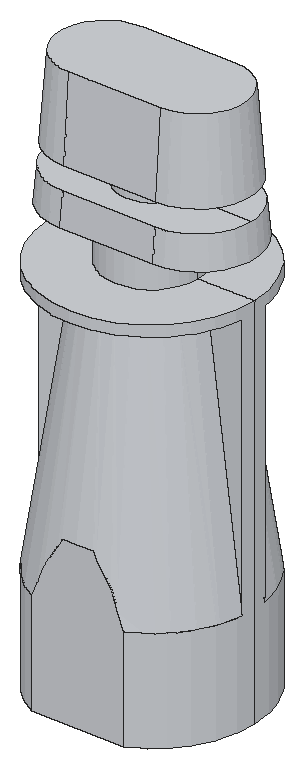
Revit family "Gripple UniGrip Accessory", category Specialty Equipment, Revit 2017
Family settings
  Round Connector Dimension = Use Diameter
  Part Type = Normal
  Work Plane-Based = Yes
  Always vertical = Yes
  Cut with Voids When Loaded = No
  Shared = Yes
  Room Calculation Point = No
Parameters (values of type "UG2")
  z = 8.5 mm
  w = 10.5 mm
  v = 6 mm
  WD/2 = WD / 2  # 1 mm
  WD = 2 mm
  y = 11.8 mm
  UniGrip Foot Option [instance] = UniGrip Foot Options : 4. Central Exit (Hex Nut)
  G = 7.5 mm
  F = 2 mm  # constant formula
  E = 3 mm  # constant formula
  D = 3.5 mm  # constant formula
  C = 2 mm
  B = 35 mm
  A = 9.5 mm
  Suspension End Fixing [instance] = ""
  Schedule Level [instance] = ""
  Schedule Discipline [instance] = ""
  Schedule Area [instance] = ""
  Hanger SWL (kg) = "55kg"
  Body Dia = 19 mm
  Go To URL [instance] = "https://www.gripple.com/images/Markets/Building%20Services/Products/Unigrip/PI%20Sheets/PI-UNIGRIP-ENG.pdf"
  URL = "https://www.gripple.com/images/Markets/Building%20Services/Products/Unigrip/PI%20Sheets/PI-UNIGRIP-ENG.pdf"
  Model = "UniGrip No2"
  Manufacturer = "Gripple Ltd"  # constant formula
  Default Elevation = 0 mm
  Assembly Code = "UG2"
  AF = 17 mm
Types (3, lengths in mm): name | z | w | v | WD/2 | WD | y | G | C | B | A | Hanger SWL (kg) | Body Dia | Model | Assembly Code | AF
  UG2 | 8.5 | 10.5 | 6 | 1 | 2 | 11.8 | 7.5 | 2 | 35 | 9.5 | "55kg" | 19 | "UniGrip No2" | "UG2" | 17
  UG3 | 8.5 | 10.5 | 8 | 1.5 | 3 | 13.8 | 10.5 | 3.5 | 47.5 | 19.5 | "110kg" | 22 | "UniGrip No3" | "UG3" | 17
  UG4 | 10 | 16 | 10 | 2.4 | 4.8 | 21 | 13 | 4 | 56.5 | 25 | "250kg" | 30 | "UniGrip No4" | "UG4" | 22
Reference planes
  plane 1 "Center (Front/Back)": y = 0
  plane 2: z = 0
  plane 3 "Center (Left/Right)": x = 0
  plane 4 "Bottom of Angled Void": z = 9.5
  plane 5 "Wire Bottom": z = 0
  plane 6: x = -9.5
  plane 7: x = 9.5
  plane 8 "Top of Angled Void": z = 33
  plane 9: y = -1.4
  plane 10: y = 1.4
  plane 11: x = -1.4
  plane 12: x = 1.4
  plane 13 "Channel Bearing Face": z = 35
  plane 14 "a": z = 38.5
  plane 15: y = 5.25
  plane 16: y = -5.25
  plane 17 "Component Top": z = 51
  plane 18 "b": z = 41.5
  plane 19: x = -3
  plane 20: x = 3
  plane 21 "Cap Base": z = 43.5
  plane 22: y = 8.5
  plane 23: y = -8.5
  plane 24: y = 9.5
  plane 25: y = -9.5
  plane 26: z = 34
  plane 27: x = -4.25
  plane 28: x = 4.25
  plane 29: y = 4.25
  plane 30: y = -4.25
  plane 31: x = 5.9
  plane 32: x = -5.9
Forms (mm)
  Blend 1, solid, detail levels fine
    base sketch origin (0, 0, 38.5) x (-1, 0, 0) y (0, -1, 0)
      loop
        arc (4.25, -5.25) -> (9.5, 0) -> (4.25, 5.25) r 5.25
        line (4.25, 5.25) -> (-4.25, 5.25)
        arc (-4.25, 5.25) -> (-9.5, 0) -> (-4.25, -5.25) r 5.25
        line (-4.25, -5.25) -> (4.25, -5.25)
    top sketch origin (0, 0, 51) x (-1, 0, 0) y (0, -1, 0)
      loop
        arc (4.25, -4.25) -> (8.5, 0) -> (4.25, 4.25) r 4.25
        line (4.25, 4.25) -> (-4.25, 4.25)
        arc (-4.25, 4.25) -> (-8.5, 0) -> (-4.25, -4.25) r 4.25
        line (-4.25, -4.25) -> (4.25, -4.25)
    from 0 to 0
  Extrusion 2, void
    sketch origin (0, 0, 0) x (1, 0, 0) y (0, 1, 0)
      loop
        line (-4.243, 8.5) -> (4.243, 8.5)
        arc (4.243, 8.5) -> (0, 9.5) -> (-4.243, 8.5) r 9.5
      loop
        arc (-4.243, -8.5) -> (0, -9.5) -> (4.243, -8.5) r 9.5
        line (4.243, -8.5) -> (-4.243, -8.5)
    from 0 to 33
  Revolve 3, solid, detail levels fine
    sketch origin (0, 0, 0) x (1, 0, 0) y (0, 0, 1)
      loop
        line (-9.5, 0) -> (0, 0) -> (0, 38.5) -> (-9.5, 38.5) -> (-9.5, 0)
      axis (0, 38.5) -> (0, 0)
    angle from 0 to 360
  Revolve 4, void
    sketch origin (0, 0, 0) x (1, 0, 0) y (0, 0, 1)
      loop
        line (-9.5, 38.5) -> (-9.5, 35) -> (-4.25, 35) -> (-4.25, 38.5) -> (-9.5, 38.5)
      axis (0, 38.5) -> (0, 35)
    angle from 0 to 360
  Revolve 5, void
    sketch origin (0, 0, 0) x (1, 0, 0) y (0, 0, 1)
      loop
        line (-9.5, 43.5) -> (-9.5, 41.5) -> (-3, 41.5) -> (-3, 43.5) -> (-9.5, 43.5)
      axis (0, 43.5) -> (0, 41.5)
    angle from 0 to 360
  Revolve 6, void
    sketch origin (0, 0, 0) x (1, 0, 0) y (0, 0, 1)
      loop
        line (5.885, 33) -> (9.5, 9.5) -> (9.5, 34) -> (5.885, 33)
      axis (0, 34) -> (0, 9.5)
    angle from 8 to 172
  Revolve 7, void
    sketch origin (0, 0, 0) x (1, 0, 0) y (0, 0, 1)
      loop
        line (5.885, 33) -> (9.5, 9.5) -> (9.5, 34) -> (5.885, 33)
      axis (0, 34) -> (0, 9.5)
    angle from 188 to 352
Cuts and joins
  Extrusion 2, Revolve 4, Revolve 6, Revolve 7 cuts Revolve 3
  Revolve 4, Revolve 5 cuts Blend 1
Lines and regions (mm)
  model lines
    curve 1: line (0, 0, 105) -> (0, 0, -25)
  reference lines
    curve 2: line (9.5, 0, 9.5) -> (5.885, 0, 33)
    curve 3: line (5.885, 0, 33) -> (9.5, 0, 34)
Dimensions and locks
  equal spacing: plane 7, plane 3 "Center (Left/Right)", plane 6
  "Body Dia": plane 7 to plane 6
  locked: plane 10 to plane 9 at 2.8
  "A": plane 4 "Bottom of Angled Void" to plane 2
  "B": plane 13 "Channel Bearing Face" to plane 2
  "D": plane 14 "a" to plane 13 "Channel Bearing Face"
  equal spacing: plane 15, plane 1 "Center (Front/Back)", plane 16
  "w": plane 15 to plane 16
  equal spacing: plane 19, plane 3 "Center (Left/Right)", plane 20
  "E": plane 18 "b" to plane 14 "a"
  "G": plane 17 "Component Top" to plane 21 "Cap Base"
  "F": plane 21 "Cap Base" to plane 18 "b"
  "C": plane 13 "Channel Bearing Face" to plane 8 "Top of Angled Void"
  "AF": plane 22 to plane 23
  equal spacing: plane 22, plane 1 "Center (Front/Back)", plane 23
  "Body Dia": plane 24 to plane 25
  equal spacing: plane 25, plane 1 "Center (Front/Back)", plane 24
  equal spacing: plane 9, plane 1 "Center (Front/Back)", plane 10
  equal spacing: plane 11, plane 3 "Center (Left/Right)", plane 12
  plane 11 to plane 12 = 2.8 mm
  equal spacing: plane 13 "Channel Bearing Face", plane 26, plane 8 "Top of Angled Void"
  "v": plane 19 to plane 20
  plane 15 to plane 29 = 1 mm
  plane 30 to plane 16 = 1 mm
  equal spacing: plane 27, plane 3 "Center (Left/Right)", plane 28
  "z": plane 27 to plane 28
  equal spacing: plane 31, plane 3 "Center (Left/Right)", plane 32
  "y": plane 31 to plane 32
  equal spacing: plane 19, curve 1, plane 20
  aligned and locked: level to plane 2
  aligned and locked: Blend 1 sketch curve to plane 15
  aligned and locked: plane 17 "Component Top" to Blend 1
  aligned and locked: Extrusion 2 sketch curve to plane 22
  aligned and locked: Extrusion 2 to level
  aligned and locked: Extrusion 2 sketch curve to plane 23
  aligned and locked: Revolve 3 sketch curve to plane 3 "Center (Left/Right)"
  aligned and locked: plane 3 "Center (Left/Right)" to Revolve 3 sketch curve
  aligned and locked: Revolve 3 sketch curve to plane 6
  aligned and locked: Extrusion 2 sketch curve to cut or joined group of Extrusion 2, Revolve 3, Revolve 4, Revolve 6, Revolve 7  (x2)
  aligned and locked: Extrusion 2 to plane 2
  aligned and locked: plane 14 "a" to Revolve 3 sketch curve
  aligned and locked: level to plane 5 "Wire Bottom"
  aligned and locked: Revolve 3 sketch curve to level
  aligned and locked: plane 27 to Blend 1 sketch curve  (x3)
  aligned and locked: plane 1 "Center (Front/Back)" to Blend 1 sketch curve  (x4)
  aligned and locked: plane 28 to Blend 1 sketch curve  (x2)
  aligned and locked: Blend 1 sketch curve to plane 30
  aligned and locked: Revolve 4 sketch curve to plane 14 "a"
  aligned and locked: plane 13 "Channel Bearing Face" to Revolve 4 sketch curve
  aligned and locked: plane 6 to Revolve 4 sketch curve
  aligned and locked: Revolve 4 sketch curve to plane 27
  aligned and locked: Revolve 4 sketch curve to plane 3 "Center (Left/Right)"
  aligned and locked: Revolve 5 sketch curve to plane 21 "Cap Base"
  aligned and locked: plane 18 "b" to Revolve 5 sketch curve
  aligned and locked: Revolve 5 sketch curve to plane 3 "Center (Left/Right)"
  aligned and locked: plane 6 to Revolve 5 sketch curve
  aligned and locked: plane 19 to Revolve 5 sketch curve
  aligned and locked: plane 7 to curve 2
  aligned and locked: plane 4 "Bottom of Angled Void" to curve 2
  aligned and locked: plane 7 to curve 3
  aligned and locked: plane 26 to curve 3
  aligned and locked: plane 8 "Top of Angled Void" to curve 3
  aligned and locked: Revolve 6 sketch curve to curve 3
  aligned and locked: Revolve 6 sketch curve to curve 2
  aligned and locked: Revolve 6 sketch curve to plane 7
  aligned and locked: Revolve 6 sketch curve to plane 3 "Center (Left/Right)"
  aligned and locked: plane 8 "Top of Angled Void" to Extrusion 2
  aligned and locked: Revolve 7 sketch curve to curve 3
  aligned and locked: Revolve 7 sketch curve to curve 2
  aligned and locked: Revolve 7 sketch curve to plane 7
  aligned and locked: Revolve 7 sketch curve to plane 3 "Center (Left/Right)"
  aligned and locked: curve 1 to plane 3 "Center (Left/Right)"
Automatic sketch dimensions
  curve 3 to plane 31 = 0.015 mm
  Revolve 7 sketch curve to plane 4 "Bottom of Angled Void" = 0 mm
  Revolve 3 sketch curve to level = 95 mm
  Revolve 4 sketch curve to level = 366.045 mm
  Revolve 5 sketch curve to level = 366.045 mm
  Revolve 6 sketch curve to level = 366.045 mm
  Revolve 7 sketch curve to level = 366.045 mm
  plane 17 "Component Top" to Revolve 3 sketch curve = 489 mm
  plane 17 "Component Top" to Revolve 4 sketch curve = 2563.315 mm
  plane 17 "Component Top" to Revolve 5 sketch curve = 2563.315 mm
  plane 17 "Component Top" to Revolve 6 sketch curve = 2563.315 mm
  plane 17 "Component Top" to Revolve 7 sketch curve = 2563.315 mm
  curve 1 to level = 25 mm
  plane 17 "Component Top" to curve 1 = 54 mm
